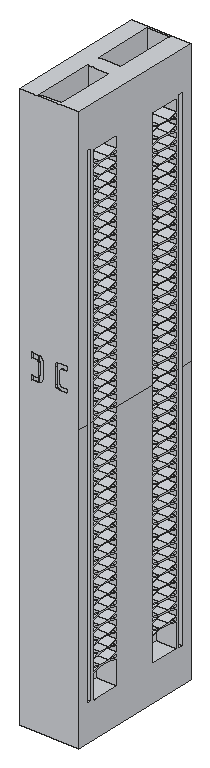
Revit family
Parameters
  Material ID = "760072843"
  Description = "Vertical Cable Management Kit, 10in X 96in (254mm X 2438mm) Double Sided, With Doors, Silver\r\nical Cable Management Kit, 6in X 84in (152mm X 2134mm) Single Sided, With Door, Black\r\nVertical Cable Management Kit, 6in X 84in (152mm X 2134mm) Single Sided, With Door, Black\r\nVERTICAL CABLE MANAGEMENT KIT, 6IN X 84IN(152MM X 2134MM) SINGLE SIDED, WITH DOOR, BLACK"
Reference planes (in)
  plane 1 "Center (Front/Back)": y = 0
  plane 2: z = 0
  plane 3 "Center (Left/Right)": x = 0
Forms (in)
  Extrusion 1, void, not visible
    sketch origin (0, 0, 0) x (1, 0, 0) y (0, 0, 1)
      loop
        line (-7.85662, 0.48089) -> (-7.85662, -0.39002) -> (-7.67285, -0.39002) -> (-7.67285, -0.64002) -> (-7.0736, -0.64002) -> (-7.0736, -0.39002) -> (-6.92978, -0.39002) -> (-6.92978, 0.48089) -> (-7.85662, 0.48089)
    from -3.79215 to 12
  Extrusion 2, void, not visible
    sketch origin (0, 0, 0) x (1, 0, 0) y (0, 0, 1)
      loop
        line (-8.21397, 0.42583) -> (-8.21397, -0.07417) -> (-8.08657, -0.07417) -> (-8.08657, -0.27417) -> (-7.83657, -0.27417) -> (-7.83657, -0.07417) -> (-7.72497, -0.07417) -> (-7.72497, 0.42583) -> (-8.21397, 0.42583)
    from 0.74059 to 3.34334
  Extrusion 3, solid
    sketch origin (0, 0, 0) x (1, 0, 0) y (0, 0, 1)
      loop
        line (5, 48) -> (-5, 48) -> (-5, -48) -> (5, -48) -> (5, 0) -> (5, 48)
    from 11.281 to -12.189
  Extrusion 4, void
    sketch origin (0, 0, 0) x (1, 0, 0) y (0, 0, 1)
      loop
        line (-3, 9.00056) -> (-3, 8.06684) -> (-2.1, 8.06684)
        arc (-2.1, 8.06684) -> (-1.88787, 7.97898) -> (-1.8, 7.76684) r 0.3
        line (-1.8, 7.76684) -> (-1.8, 5.85056)
        arc (-1.8, 5.85056) -> (-1.88787, 5.63843) -> (-2.1, 5.55056) r 0.3
        line (-2.1, 5.55056) -> (-3, 5.55056) -> (-3, 4.75056) -> (-1.8, 4.75056)
        arc (-1.8, 4.75056) -> (-1.23431, 4.98488) -> (-1, 5.55056) r 0.8
        line (-1, 5.55056) -> (-1, 8.20056)
        arc (-1, 8.20056) -> (-1.23431, 8.76625) -> (-1.8, 9.00056) r 0.8
        line (-1.8, 9.00056) -> (-3, 9.00056)
      loop
        line (3, 9.00056) -> (1.8, 9.00056)
        arc (1.8, 9.00056) -> (1.23431, 8.76625) -> (1, 8.20056) r 0.8
        line (1, 8.20056) -> (1, 5.55056)
        arc (1, 5.55056) -> (1.23431, 4.98488) -> (1.8, 4.75056) r 0.8
        line (1.8, 4.75056) -> (3, 4.75056) -> (3, 5.55056) -> (2.1, 5.55056)
        arc (2.1, 5.55056) -> (1.88787, 5.63843) -> (1.8, 5.85056) r 0.3
        line (1.8, 5.85056) -> (1.8, 7.76684)
        arc (1.8, 7.76684) -> (1.88787, 7.97898) -> (2.1, 8.06684) r 0.3
        line (2.1, 8.06684) -> (3, 8.06684) -> (3, 9.00056)
    from 11.08569 to 11.281
  Extrusion 5, void
    sketch origin (0, 0, 0) x (1, 0, 0) y (0, 1, 0)
      loop
        line (1.70983, -0.6615) -> (-2.04017, -0.6615) -> (-2.04017, -10.9115) -> (1.70983, -10.9115) -> (1.70983, -0.6615)
      loop
        line (1.70983, 1.5695) -> (1.70983, 11.8195) -> (-2.04017, 11.8195) -> (-2.04017, 1.5695) -> (1.70983, 1.5695)
    from -58.88014 to 54.97812
  Extrusion 6, void
    sketch origin (0, 0, 0) x (0, 1, 0) y (0, 0, 1)
      loop
        line (-3.37841, 39.06909) -> (-3.37841, 41.06909) -> (-8.50915, 41.06909) -> (-8.50915, 39.06909) -> (-6.81878, 38.61615) -> (-5.06878, 38.61615) -> (-3.37841, 39.06909)
      loop
        line (-3.37841, 38.06909) -> (-5.06878, 38.52202) -> (-6.81878, 38.52202) -> (-8.50915, 38.06909) -> (-8.50915, 37.81909) -> (-8.50915, 37.06909) -> (-6.81878, 36.61615) -> (-5.06878, 36.61615) -> (-3.37841, 37.06909) -> (-3.37841, 37.81909) -> (-3.37841, 38.06909)
      loop
        line (-3.37841, 39.00985) -> (-4.9864, 38.57899) -> (-3.37841, 38.14813) -> (-3.37841, 39.00985)
      loop
        line (-8.50915, 39.00985) -> (-8.50915, 38.14813) -> (-6.90115, 38.57899) -> (-8.50915, 39.00985)
      loop
        line (-3.37841, 36.06909) -> (-5.06878, 36.52202) -> (-6.81878, 36.52202) -> (-8.50915, 36.06909) -> (-8.50915, 35.06909) -> (-6.81878, 34.61615) -> (-5.06878, 34.61615) -> (-3.37841, 35.06909) -> (-3.37841, 36.06909)
      loop
        line (-3.37841, 37.00985) -> (-4.9864, 36.57899) -> (-3.37841, 36.14813) -> (-3.37841, 37.00985)
      loop
        line (-8.50915, 37.00985) -> (-8.50915, 36.14813) -> (-6.90115, 36.57899) -> (-8.50915, 37.00985)
      loop
        line (-3.37841, 34.06909) -> (-5.06878, 34.52202) -> (-6.81878, 34.52202) -> (-8.50915, 34.06909) -> (-8.50915, 33.06909) -> (-6.81878, 32.61615) -> (-5.06878, 32.61615) -> (-3.37841, 33.06909) -> (-3.37841, 34.06909)
      loop
        line (-3.37841, 35.00985) -> (-4.9864, 34.57899) -> (-3.37841, 34.14813) -> (-3.37841, 35.00985)
      loop
        line (-8.50915, 35.00985) -> (-8.50915, 34.14813) -> (-6.90115, 34.57899) -> (-8.50915, 35.00985)
      loop
        line (-3.37841, 32.06909) -> (-5.06878, 32.52202) -> (-6.81878, 32.52202) -> (-8.50915, 32.06909) -> (-8.50915, 31.06909) -> (-6.81878, 30.61615) -> (-5.06878, 30.61615) -> (-3.37841, 31.06909) -> (-3.37841, 32.06909)
      loop
        line (-3.37841, 33.00985) -> (-4.9864, 32.57899) -> (-3.37841, 32.14813) -> (-3.37841, 33.00985)
      loop
        line (-8.50915, 33.00985) -> (-8.50915, 32.14813) -> (-6.90115, 32.57899) -> (-8.50915, 33.00985)
      loop
        line (-3.37841, 30.06909) -> (-5.06878, 30.52202) -> (-6.81878, 30.52202) -> (-8.50915, 30.06909) -> (-8.50915, 29.06909) -> (-6.81878, 28.61615) -> (-5.06878, 28.61615) -> (-3.37841, 29.06909) -> (-3.37841, 30.06909)
      loop
        line (-3.37841, 31.00985) -> (-4.9864, 30.57899) -> (-3.37841, 30.14813) -> (-3.37841, 31.00985)
      loop
        line (-8.50915, 31.00985) -> (-8.50915, 30.14813) -> (-6.90115, 30.57899) -> (-8.50915, 31.00985)
      loop
        line (-3.37841, 28.06909) -> (-5.06878, 28.52202) -> (-6.81878, 28.52202) -> (-8.50915, 28.06909) -> (-8.50915, 27.06909) -> (-6.81878, 26.61615) -> (-5.06878, 26.61615) -> (-3.37841, 27.06909) -> (-3.37841, 28.06909)
      loop
        line (-3.37841, 29.00985) -> (-4.9864, 28.57899) -> (-3.37841, 28.14813) -> (-3.37841, 29.00985)
      loop
        line (-8.50915, 29.00985) -> (-8.50915, 28.14813) -> (-6.90115, 28.57899) -> (-8.50915, 29.00985)
      loop
        line (-3.37841, 26.06909) -> (-5.06878, 26.52202) -> (-6.81878, 26.52202) -> (-8.50915, 26.06909) -> (-8.50915, 25.06909) -> (-6.81878, 24.61615) -> (-5.06878, 24.61615) -> (-3.37841, 25.06909) -> (-3.37841, 26.06909)
      loop
        line (-3.37841, 27.00985) -> (-4.9864, 26.57899) -> (-3.37841, 26.14813) -> (-3.37841, 27.00985)
      loop
        line (-8.50915, 27.00985) -> (-8.50915, 26.14813) -> (-6.90115, 26.57899) -> (-8.50915, 27.00985)
      loop
        line (-3.37841, 24.06909) -> (-5.06878, 24.52202) -> (-6.81878, 24.52202) -> (-8.50915, 24.06909) -> (-8.50915, 23.06909) -> (-6.81878, 22.61615) -> (-5.06878, 22.61615) -> (-3.37841, 23.06909) -> (-3.37841, 24.06909)
      loop
        line (-3.37841, 25.00985) -> (-4.9864, 24.57899) -> (-3.37841, 24.14813) -> (-3.37841, 25.00985)
      loop
        line (-8.50915, 25.00985) -> (-8.50915, 24.14813) -> (-6.90115, 24.57899) -> (-8.50915, 25.00985)
      loop
        line (-3.37841, 22.06909) -> (-5.06878, 22.52202) -> (-6.81878, 22.52202) -> (-8.50915, 22.06909) -> (-8.50915, 21.06909) -> (-6.81878, 20.61615) -> (-5.06878, 20.61615) -> (-3.37841, 21.06909) -> (-3.37841, 22.06909)
      loop
        line (-3.37841, 23.00985) -> (-4.9864, 22.57899) -> (-3.37841, 22.14813) -> (-3.37841, 23.00985)
      loop
        line (-8.50915, 23.00985) -> (-8.50915, 22.14813) -> (-6.90115, 22.57899) -> (-8.50915, 23.00985)
      loop
        line (-3.37841, 20.06909) -> (-5.06878, 20.52202) -> (-6.81878, 20.52202) -> (-8.50915, 20.06909) -> (-8.50915, 19.06909) -> (-6.81878, 18.61615) -> (-5.06878, 18.61615) -> (-3.37841, 19.06909) -> (-3.37841, 20.06909)
      loop
        line (-3.37841, 21.00985) -> (-4.9864, 20.57899) -> (-3.37841, 20.14813) -> (-3.37841, 21.00985)
      loop
        line (-8.50915, 21.00985) -> (-8.50915, 20.14813) -> (-6.90115, 20.57899) -> (-8.50915, 21.00985)
      loop
        line (-3.37841, 18.06909) -> (-5.06878, 18.52202) -> (-6.81878, 18.52202) -> (-8.50915, 18.06909) -> (-8.50915, 17.06909) -> (-6.81878, 16.61615) -> (-5.06878, 16.61615) -> (-3.37841, 17.06909) -> (-3.37841, 18.06909)
      loop
        line (-3.37841, 19.00985) -> (-4.9864, 18.57899) -> (-3.37841, 18.14813) -> (-3.37841, 19.00985)
      loop
        line (-8.50915, 19.00985) -> (-8.50915, 18.14813) -> (-6.90115, 18.57899) -> (-8.50915, 19.00985)
      loop
        line (-3.37841, 16.06909) -> (-5.06878, 16.52202) -> (-6.81878, 16.52202) -> (-8.50915, 16.06909) -> (-8.50915, 15.06909) -> (-6.81878, 14.61615) -> (-5.06878, 14.61615) -> (-3.37841, 15.06909) -> (-3.37841, 16.06909)
      loop
        line (-3.37841, 17.00985) -> (-4.9864, 16.57899) -> (-3.37841, 16.14813) -> (-3.37841, 17.00985)
      loop
        line (-8.50915, 17.00985) -> (-8.50915, 16.14813) -> (-6.90115, 16.57899) -> (-8.50915, 17.00985)
      loop
        line (-3.37841, 14.06909) -> (-5.06878, 14.52202) -> (-6.81878, 14.52202) -> (-8.50915, 14.06909) -> (-8.50915, 13.06909) -> (-6.81878, 12.61615) -> (-5.06878, 12.61615) -> (-3.37841, 13.06909) -> (-3.37841, 14.06909)
      loop
        line (-3.37841, 15.00985) -> (-4.9864, 14.57899) -> (-3.37841, 14.14813) -> (-3.37841, 15.00985)
      loop
        line (-8.50915, 15.00985) -> (-8.50915, 14.14813) -> (-6.90115, 14.57899) -> (-8.50915, 15.00985)
      loop
        line (-3.37841, 12.06909) -> (-5.06878, 12.52202) -> (-6.81878, 12.52202) -> (-8.50915, 12.06909) -> (-8.50915, 11.06909) -> (-6.81878, 10.61615) -> (-5.06878, 10.61615) -> (-3.37841, 11.06909) -> (-3.37841, 12.06909)
      loop
        line (-3.37841, 13.00985) -> (-4.9864, 12.57899) -> (-3.37841, 12.14813) -> (-3.37841, 13.00985)
      loop
        line (-8.50915, 13.00985) -> (-8.50915, 12.14813) -> (-6.90115, 12.57899) -> (-8.50915, 13.00985)
      loop
        line (-3.37841, 10.06909) -> (-5.06878, 10.52202) -> (-6.81878, 10.52202) -> (-8.50915, 10.06909) -> (-8.50915, 9.06909) -> (-6.81878, 8.61615) -> (-5.06878, 8.61615) -> (-3.37841, 9.06909) -> (-3.37841, 10.06909)
      loop
        line (-3.37841, 11.00985) -> (-4.9864, 10.57899) -> (-3.37841, 10.14813) -> (-3.37841, 11.00985)
      loop
        line (-8.50915, 11.00985) -> (-8.50915, 10.14813) -> (-6.90115, 10.57899) -> (-8.50915, 11.00985)
      loop
        line (-3.37841, 8.06909) -> (-5.06878, 8.52202) -> (-6.81878, 8.52202) -> (-8.50915, 8.06909) -> (-8.50915, 7.06909) -> (-6.81878, 6.61615) -> (-5.06878, 6.61615) -> (-3.37841, 7.06909) -> (-3.37841, 8.06909)
      loop
        line (-3.37841, 9.00985) -> (-4.9864, 8.57899) -> (-3.37841, 8.14813) -> (-3.37841, 9.00985)
      loop
        line (-8.50915, 9.00985) -> (-8.50915, 8.14813) -> (-6.90115, 8.57899) -> (-8.50915, 9.00985)
      loop
        line (-3.37841, 6.06909) -> (-5.06878, 6.52202) -> (-6.81878, 6.52202) -> (-8.50915, 6.06909) -> (-8.50915, 5.06909) -> (-6.81878, 4.61615) -> (-5.06878, 4.61615) -> (-3.37841, 5.06909) -> (-3.37841, 6.06909)
      loop
        line (-3.37841, 7.00985) -> (-4.9864, 6.57899) -> (-3.37841, 6.14813) -> (-3.37841, 7.00985)
      loop
        line (-8.50915, 7.00985) -> (-8.50915, 6.14813) -> (-6.90115, 6.57899) -> (-8.50915, 7.00985)
      loop
        line (-3.37841, 4.06909) -> (-5.06878, 4.52202) -> (-6.81878, 4.52202) -> (-8.50915, 4.06909) -> (-8.50915, 3.06909) -> (-6.81878, 2.61615) -> (-5.06878, 2.61615) -> (-3.37841, 3.06909) -> (-3.37841, 4.06909)
      loop
        line (-3.37841, 5.00985) -> (-4.9864, 4.57899) -> (-3.37841, 4.14813) -> (-3.37841, 5.00985)
      loop
        line (-8.50915, 5.00985) -> (-8.50915, 4.14813) -> (-6.90115, 4.57899) -> (-8.50915, 5.00985)
      loop
        line (-3.37841, 2.06909) -> (-5.06878, 2.52202) -> (-6.81878, 2.52202) -> (-8.50915, 2.06909) -> (-8.50915, 1.06909) -> (-6.81878, 0.61615) -> (-5.06878, 0.61615) -> (-3.37841, 1.06909) -> (-3.37841, 2.06909)
      loop
        line (-3.37841, 3.00985) -> (-4.9864, 2.57899) -> (-3.37841, 2.14813) -> (-3.37841, 3.00985)
      loop
        line (-8.50915, 3.00985) -> (-8.50915, 2.14813) -> (-6.90115, 2.57899) -> (-8.50915, 3.00985)
      loop
        line (-3.37841, 0.06909) -> (-5.06878, 0.52202) -> (-6.81878, 0.52202) -> (-8.50915, 0.06909) -> (-8.50915, -0.93091) -> (-6.81878, -1.38385) -> (-5.06878, -1.38385) -> (-3.37841, -0.93091) -> (-3.37841, 0.06909)
      loop
        line (-3.37841, 1.00985) -> (-4.9864, 0.57899) -> (-3.37841, 0.14813) -> (-3.37841, 1.00985)
      loop
        line (-8.50915, 1.00985) -> (-8.50915, 0.14813) -> (-6.90115, 0.57899) -> (-8.50915, 1.00985)
      loop
        line (-3.37841, -1.93091) -> (-5.06878, -1.47798) -> (-6.81878, -1.47798) -> (-8.50915, -1.93091) -> (-8.50915, -2.93091) -> (-6.81878, -3.38385) -> (-5.06878, -3.38385) -> (-3.37841, -2.93091) -> (-3.37841, -1.93091)
      loop
        line (-3.37841, -0.99015) -> (-4.9864, -1.42101) -> (-3.37841, -1.85187) -> (-3.37841, -0.99015)
      loop
        line (-8.50915, -0.99015) -> (-8.50915, -1.85187) -> (-6.90115, -1.42101) -> (-8.50915, -0.99015)
      loop
        line (-3.37841, -3.93091) -> (-5.06878, -3.47798) -> (-6.81878, -3.47798) -> (-8.50915, -3.93091) -> (-8.50915, -4.93091) -> (-6.81878, -5.38385) -> (-5.06878, -5.38385) -> (-3.37841, -4.93091) -> (-3.37841, -3.93091)
      loop
        line (-3.37841, -2.99015) -> (-4.9864, -3.42101) -> (-3.37841, -3.85187) -> (-3.37841, -2.99015)
      loop
        line (-8.50915, -2.99015) -> (-8.50915, -3.85187) -> (-6.90115, -3.42101) -> (-8.50915, -2.99015)
      loop
        line (-3.37841, -5.93091) -> (-5.06878, -5.47798) -> (-6.81878, -5.47798) -> (-8.50915, -5.93091) -> (-8.50915, -6.93091) -> (-6.81878, -7.38385) -> (-5.06878, -7.38385) -> (-3.37841, -6.93091) -> (-3.37841, -5.93091)
      loop
        line (-3.37841, -4.99015) -> (-4.9864, -5.42101) -> (-3.37841, -5.85187) -> (-3.37841, -4.99015)
      loop
        line (-8.50915, -4.99015) -> (-8.50915, -5.85187) -> (-6.90115, -5.42101) -> (-8.50915, -4.99015)
      loop
        line (-3.37841, -7.93091) -> (-5.06878, -7.47798) -> (-6.81878, -7.47798) -> (-8.50915, -7.93091) -> (-8.50915, -8.93091) -> (-6.81878, -9.38385) -> (-5.06878, -9.38385) -> (-3.37841, -8.93091) -> (-3.37841, -7.93091)
      loop
        line (-3.37841, -6.99015) -> (-4.9864, -7.42101) -> (-3.37841, -7.85187) -> (-3.37841, -6.99015)
      loop
        line (-8.50915, -6.99015) -> (-8.50915, -7.85187) -> (-6.90115, -7.42101) -> (-8.50915, -6.99015)
      loop
        line (-3.37841, -9.93091) -> (-5.06878, -9.47798) -> (-6.81878, -9.47798) -> (-8.50915, -9.93091) -> (-8.50915, -10.93091) -> (-6.81878, -11.38385) -> (-5.06878, -11.38385) -> (-3.37841, -10.93091) -> (-3.37841, -9.93091)
      loop
        line (-3.37841, -8.99015) -> (-4.9864, -9.42101) -> (-3.37841, -9.85187) -> (-3.37841, -8.99015)
      loop
        line (-8.50915, -8.99015) -> (-8.50915, -9.85187) -> (-6.90115, -9.42101) -> (-8.50915, -8.99015)
      loop
        line (-3.37841, -11.93091) -> (-5.06878, -11.47798) -> (-6.81878, -11.47798) -> (-8.50915, -11.93091) -> (-8.50915, -12.93091) -> (-6.81878, -13.38385) -> (-5.06878, -13.38385) -> (-3.37841, -12.93091) -> (-3.37841, -11.93091)
      loop
        line (-3.37841, -10.99015) -> (-4.9864, -11.42101) -> (-3.37841, -11.85187) -> (-3.37841, -10.99015)
      loop
        line (-8.50915, -10.99015) -> (-8.50915, -11.85187) -> (-6.90115, -11.42101) -> (-8.50915, -10.99015)
      loop
        line (-3.37841, -13.93091) -> (-5.06878, -13.47798) -> (-6.81878, -13.47798) -> (-8.50915, -13.93091) -> (-8.50915, -14.93091) -> (-6.81878, -15.38385) -> (-5.06878, -15.38385) -> (-3.37841, -14.93091) -> (-3.37841, -13.93091)
      loop
        line (-3.37841, -12.99015) -> (-4.9864, -13.42101) -> (-3.37841, -13.85187) -> (-3.37841, -12.99015)
      loop
        line (-8.50915, -12.99015) -> (-8.50915, -13.85187) -> (-6.90115, -13.42101) -> (-8.50915, -12.99015)
      loop
        line (-3.37841, -15.93091) -> (-5.06878, -15.47798) -> (-6.81878, -15.47798) -> (-8.50915, -15.93091) -> (-8.50915, -16.93091) -> (-6.81878, -17.38385) -> (-5.06878, -17.38385) -> (-3.37841, -16.93091) -> (-3.37841, -15.93091)
      loop
        line (-3.37841, -14.99015) -> (-4.9864, -15.42101) -> (-3.37841, -15.85187) -> (-3.37841, -14.99015)
      loop
        line (-8.50915, -14.99015) -> (-8.50915, -15.85187) -> (-6.90115, -15.42101) -> (-8.50915, -14.99015)
      loop
        line (-3.37841, -17.93091) -> (-5.06878, -17.47798) -> (-6.81878, -17.47798) -> (-8.50915, -17.93091) -> (-8.50915, -18.93091) -> (-6.81878, -19.38385) -> (-5.06878, -19.38385) -> (-3.37841, -18.93091) -> (-3.37841, -17.93091)
      loop
        line (-3.37841, -16.99015) -> (-4.9864, -17.42101) -> (-3.37841, -17.85187) -> (-3.37841, -16.99015)
      loop
        line (-8.50915, -16.99015) -> (-8.50915, -17.85187) -> (-6.90115, -17.42101) -> (-8.50915, -16.99015)
      loop
        line (-3.37841, -19.93091) -> (-5.06878, -19.47798) -> (-6.81878, -19.47798) -> (-8.50915, -19.93091) -> (-8.50915, -20.93091) -> (-6.81878, -21.38385) -> (-5.06878, -21.38385) -> (-3.37841, -20.93091) -> (-3.37841, -19.93091)
      loop
        line (-3.37841, -18.99015) -> (-4.9864, -19.42101) -> (-3.37841, -19.85187) -> (-3.37841, -18.99015)
      loop
        line (-8.50915, -18.99015) -> (-8.50915, -19.85187) -> (-6.90115, -19.42101) -> (-8.50915, -18.99015)
      loop
        line (-3.37841, -21.93091) -> (-5.06878, -21.47798) -> (-6.81878, -21.47798) -> (-8.50915, -21.93091) -> (-8.50915, -22.93091) -> (-6.81878, -23.38385) -> (-5.06878, -23.38385) -> (-3.37841, -22.93091) -> (-3.37841, -21.93091)
      loop
        line (-3.37841, -20.99015) -> (-4.9864, -21.42101) -> (-3.37841, -21.85187) -> (-3.37841, -20.99015)
      loop
        line (-8.50915, -20.99015) -> (-8.50915, -21.85187) -> (-6.90115, -21.42101) -> (-8.50915, -20.99015)
      loop
        line (-3.37841, -23.93091) -> (-5.06878, -23.47798) -> (-6.81878, -23.47798) -> (-8.50915, -23.93091) -> (-8.50915, -24.93091) -> (-6.81878, -25.38385) -> (-5.06878, -25.38385) -> (-3.37841, -24.93091) -> (-3.37841, -23.93091)
      loop
        line (-3.37841, -22.99015) -> (-4.9864, -23.42101) -> (-3.37841, -23.85187) -> (-3.37841, -22.99015)
      loop
        line (-8.50915, -22.99015) -> (-8.50915, -23.85187) -> (-6.90115, -23.42101) -> (-8.50915, -22.99015)
      loop
        line (-3.37841, -25.93091) -> (-5.06878, -25.47798) -> (-6.81878, -25.47798) -> (-8.50915, -25.93091) -> (-8.50915, -26.93091) -> (-6.81878, -27.38385) -> (-5.06878, -27.38385) -> (-3.37841, -26.93091) -> (-3.37841, -25.93091)
      loop
        line (-3.37841, -24.99015) -> (-4.9864, -25.42101) -> (-3.37841, -25.85187) -> (-3.37841, -24.99015)
      loop
        line (-8.50915, -24.99015) -> (-8.50915, -25.85187) -> (-6.90115, -25.42101) -> (-8.50915, -24.99015)
      loop
        line (-3.37841, -27.93091) -> (-5.06878, -27.47798) -> (-6.81878, -27.47798) -> (-8.50915, -27.93091) -> (-8.50915, -28.93091) -> (-6.81878, -29.38385) -> (-5.06878, -29.38385) -> (-3.37841, -28.93091) -> (-3.37841, -27.93091)
      loop
        line (-3.37841, -26.99015) -> (-4.9864, -27.42101) -> (-3.37841, -27.85187) -> (-3.37841, -26.99015)
      loop
        line (-8.50915, -26.99015) -> (-8.50915, -27.85187) -> (-6.90115, -27.42101) -> (-8.50915, -26.99015)
      loop
        line (-3.37841, -29.93091) -> (-5.06878, -29.47798) -> (-6.81878, -29.47798) -> (-8.50915, -29.93091) -> (-8.50915, -30.93091) -> (-6.81878, -31.38385) -> (-5.06878, -31.38385) -> (-3.37841, -30.93091) -> (-3.37841, -29.93091)
      loop
        line (-3.37841, -28.99015) -> (-4.9864, -29.42101) -> (-3.37841, -29.85187) -> (-3.37841, -28.99015)
      loop
        line (-8.50915, -28.99015) -> (-8.50915, -29.85187) -> (-6.90115, -29.42101) -> (-8.50915, -28.99015)
      loop
        line (-3.37841, -31.93091) -> (-5.06878, -31.47798) -> (-6.81878, -31.47798) -> (-8.50915, -31.93091) -> (-8.50915, -32.93091) -> (-6.81878, -33.38385) -> (-5.06878, -33.38385) -> (-3.37841, -32.93091) -> (-3.37841, -31.93091)
      loop
        line (-3.37841, -30.99015) -> (-4.9864, -31.42101) -> (-3.37841, -31.85187) -> (-3.37841, -30.99015)
      loop
        line (-8.50915, -30.99015) -> (-8.50915, -31.85187) -> (-6.90115, -31.42101) -> (-8.50915, -30.99015)
      loop
        line (-3.37841, -33.93091) -> (-5.06878, -33.47798) -> (-6.81878, -33.47798) -> (-8.50915, -33.93091) -> (-8.50915, -34.93091) -> (-6.81878, -35.38385) -> (-5.06878, -35.38385) -> (-3.37841, -34.93091) -> (-3.37841, -33.93091)
      loop
        line (-3.37841, -32.99015) -> (-4.9864, -33.42101) -> (-3.37841, -33.85187) -> (-3.37841, -32.99015)
      loop
        line (-8.50915, -32.99015) -> (-8.50915, -33.85187) -> (-6.90115, -33.42101) -> (-8.50915, -32.99015)
      loop
        line (-3.37841, -35.93091) -> (-5.06878, -35.47798) -> (-6.81878, -35.47798) -> (-8.50915, -35.93091) -> (-8.50915, -36.93091) -> (-6.81878, -37.38385) -> (-5.06878, -37.38385) -> (-3.37841, -36.93091) -> (-3.37841, -35.93091)
      loop
        line (-3.37841, -34.99015) -> (-4.9864, -35.42101) -> (-3.37841, -35.85187) -> (-3.37841, -34.99015)
      loop
        line (-8.50915, -34.99015) -> (-8.50915, -35.85187) -> (-6.90115, -35.42101) -> (-8.50915, -34.99015)
      loop
        line (-3.37841, -37.93091) -> (-5.06878, -37.47798) -> (-6.81878, -37.47798) -> (-8.50915, -37.93091) -> (-8.50915, -42) -> (-3.37841, -42) -> (-3.37841, -37.93091)
      loop
        line (-3.37841, -36.99015) -> (-4.9864, -37.42101) -> (-3.37841, -37.85187) -> (-3.37841, -36.99015)
      loop
        line (-8.50915, -36.99015) -> (-8.50915, -37.85187) -> (-6.90115, -37.42101) -> (-8.50915, -36.99015)
      loop
        line (4.05541, 39.06909) -> (5.74578, 38.61615) -> (7.49578, 38.61615) -> (9.18615, 39.06909) -> (9.18615, 41.06909) -> (4.05541, 41.06909) -> (4.05541, 39.06909)
      loop
        line (4.05541, 38.06909) -> (4.05541, 37.81909) -> (4.05541, 37.06909) -> (5.74578, 36.61615) -> (7.49578, 36.61615) -> (9.18615, 37.06909) -> (9.18615, 37.81909) -> (9.18615, 38.06909) -> (7.49578, 38.52202) -> (5.74578, 38.52202) -> (4.05541, 38.06909)
      loop
        line (4.05541, 39.00985) -> (4.05541, 38.14813) -> (5.6634, 38.57899) -> (4.05541, 39.00985)
      loop
        line (9.18615, 39.00985) -> (7.57815, 38.57899) -> (9.18615, 38.14813) -> (9.18615, 39.00985)
      loop
        line (4.05541, 36.06909) -> (4.05541, 35.06909) -> (5.74578, 34.61615) -> (7.49578, 34.61615) -> (9.18615, 35.06909) -> (9.18615, 36.06909) -> (7.49578, 36.52202) -> (5.74578, 36.52202) -> (4.05541, 36.06909)
      loop
        line (4.05541, 37.00985) -> (4.05541, 36.14813) -> (5.6634, 36.57899) -> (4.05541, 37.00985)
      loop
        line (9.18615, 37.00985) -> (7.57815, 36.57899) -> (9.18615, 36.14813) -> (9.18615, 37.00985)
      loop
        line (4.05541, 34.06909) -> (4.05541, 33.06909) -> (5.74578, 32.61615) -> (7.49578, 32.61615) -> (9.18615, 33.06909) -> (9.18615, 34.06909) -> (7.49578, 34.52202) -> (5.74578, 34.52202) -> (4.05541, 34.06909)
      loop
        line (4.05541, 35.00985) -> (4.05541, 34.14813) -> (5.6634, 34.57899) -> (4.05541, 35.00985)
      loop
        line (9.18615, 35.00985) -> (7.57815, 34.57899) -> (9.18615, 34.14813) -> (9.18615, 35.00985)
      loop
        line (4.05541, 32.06909) -> (4.05541, 31.06909) -> (5.74578, 30.61615) -> (7.49578, 30.61615) -> (9.18615, 31.06909) -> (9.18615, 32.06909) -> (7.49578, 32.52202) -> (5.74578, 32.52202) -> (4.05541, 32.06909)
      loop
        line (4.05541, 33.00985) -> (4.05541, 32.14813) -> (5.6634, 32.57899) -> (4.05541, 33.00985)
      loop
        line (9.18615, 33.00985) -> (7.57815, 32.57899) -> (9.18615, 32.14813) -> (9.18615, 33.00985)
      loop
        line (4.05541, 30.06909) -> (4.05541, 29.06909) -> (5.74578, 28.61615) -> (7.49578, 28.61615) -> (9.18615, 29.06909) -> (9.18615, 30.06909) -> (7.49578, 30.52202) -> (5.74578, 30.52202) -> (4.05541, 30.06909)
      loop
        line (4.05541, 31.00985) -> (4.05541, 30.14813) -> (5.6634, 30.57899) -> (4.05541, 31.00985)
      loop
        line (9.18615, 31.00985) -> (7.57815, 30.57899) -> (9.18615, 30.14813) -> (9.18615, 31.00985)
      loop
        line (4.05541, 28.06909) -> (4.05541, 27.06909) -> (5.74578, 26.61615) -> (7.49578, 26.61615) -> (9.18615, 27.06909) -> (9.18615, 28.06909) -> (7.49578, 28.52202) -> (5.74578, 28.52202) -> (4.05541, 28.06909)
      loop
        line (4.05541, 29.00985) -> (4.05541, 28.14813) -> (5.6634, 28.57899) -> (4.05541, 29.00985)
      loop
        line (9.18615, 29.00985) -> (7.57815, 28.57899) -> (9.18615, 28.14813) -> (9.18615, 29.00985)
      loop
        line (4.05541, 26.06909) -> (4.05541, 25.06909) -> (5.74578, 24.61615) -> (7.49578, 24.61615) -> (9.18615, 25.06909) -> (9.18615, 26.06909) -> (7.49578, 26.52202) -> (5.74578, 26.52202) -> (4.05541, 26.06909)
      loop
        line (4.05541, 27.00985) -> (4.05541, 26.14813) -> (5.6634, 26.57899) -> (4.05541, 27.00985)
      loop
        line (9.18615, 27.00985) -> (7.57815, 26.57899) -> (9.18615, 26.14813) -> (9.18615, 27.00985)
      loop
        line (4.05541, 24.06909) -> (4.05541, 23.06909) -> (5.74578, 22.61615) -> (7.49578, 22.61615) -> (9.18615, 23.06909) -> (9.18615, 24.06909) -> (7.49578, 24.52202) -> (5.74578, 24.52202) -> (4.05541, 24.06909)
      loop
        line (4.05541, 25.00985) -> (4.05541, 24.14813) -> (5.6634, 24.57899) -> (4.05541, 25.00985)
      loop
        line (9.18615, 25.00985) -> (7.57815, 24.57899) -> (9.18615, 24.14813) -> (9.18615, 25.00985)
      loop
        line (4.05541, 22.06909) -> (4.05541, 21.06909) -> (5.74578, 20.61615) -> (7.49578, 20.61615) -> (9.18615, 21.06909) -> (9.18615, 22.06909) -> (7.49578, 22.52202) -> (5.74578, 22.52202) -> (4.05541, 22.06909)
      loop
        line (4.05541, 23.00985) -> (4.05541, 22.14813) -> (5.6634, 22.57899) -> (4.05541, 23.00985)
      loop
        line (9.18615, 23.00985) -> (7.57815, 22.57899) -> (9.18615, 22.14813) -> (9.18615, 23.00985)
      loop
        line (4.05541, 20.06909) -> (4.05541, 19.06909) -> (5.74578, 18.61615) -> (7.49578, 18.61615) -> (9.18615, 19.06909) -> (9.18615, 20.06909) -> (7.49578, 20.52202) -> (5.74578, 20.52202) -> (4.05541, 20.06909)
      loop
        line (4.05541, 21.00985) -> (4.05541, 20.14813) -> (5.6634, 20.57899) -> (4.05541, 21.00985)
      loop
        line (9.18615, 21.00985) -> (7.57815, 20.57899) -> (9.18615, 20.14813) -> (9.18615, 21.00985)
      loop
        line (4.05541, 18.06909) -> (4.05541, 17.06909) -> (5.74578, 16.61615) -> (7.49578, 16.61615) -> (9.18615, 17.06909) -> (9.18615, 18.06909) -> (7.49578, 18.52202) -> (5.74578, 18.52202) -> (4.05541, 18.06909)
      loop
        line (4.05541, 19.00985) -> (4.05541, 18.14813) -> (5.6634, 18.57899) -> (4.05541, 19.00985)
      loop
        line (9.18615, 19.00985) -> (7.57815, 18.57899) -> (9.18615, 18.14813) -> (9.18615, 19.00985)
      loop
        line (4.05541, 16.06909) -> (4.05541, 15.06909) -> (5.74578, 14.61615) -> (7.49578, 14.61615) -> (9.18615, 15.06909) -> (9.18615, 16.06909) -> (7.49578, 16.52202) -> (5.74578, 16.52202) -> (4.05541, 16.06909)
      loop
        line (4.05541, 17.00985) -> (4.05541, 16.14813) -> (5.6634, 16.57899) -> (4.05541, 17.00985)
      loop
        line (9.18615, 17.00985) -> (7.57815, 16.57899) -> (9.18615, 16.14813) -> (9.18615, 17.00985)
      loop
        line (4.05541, 14.06909) -> (4.05541, 13.06909) -> (5.74578, 12.61615) -> (7.49578, 12.61615) -> (9.18615, 13.06909) -> (9.18615, 14.06909) -> (7.49578, 14.52202) -> (5.74578, 14.52202) -> (4.05541, 14.06909)
      loop
        line (4.05541, 15.00985) -> (4.05541, 14.14813) -> (5.6634, 14.57899) -> (4.05541, 15.00985)
      loop
        line (9.18615, 15.00985) -> (7.57815, 14.57899) -> (9.18615, 14.14813) -> (9.18615, 15.00985)
      loop
        line (4.05541, 12.06909) -> (4.05541, 11.06909) -> (5.74578, 10.61615) -> (7.49578, 10.61615) -> (9.18615, 11.06909) -> (9.18615, 12.06909) -> (7.49578, 12.52202) -> (5.74578, 12.52202) -> (4.05541, 12.06909)
      loop
        line (4.05541, 13.00985) -> (4.05541, 12.14813) -> (5.6634, 12.57899) -> (4.05541, 13.00985)
      loop
        line (9.18615, 13.00985) -> (7.57815, 12.57899) -> (9.18615, 12.14813) -> (9.18615, 13.00985)
      loop
        line (4.05541, 10.06909) -> (4.05541, 9.06909) -> (5.74578, 8.61615) -> (7.49578, 8.61615) -> (9.18615, 9.06909) -> (9.18615, 10.06909) -> (7.49578, 10.52202) -> (5.74578, 10.52202) -> (4.05541, 10.06909)
      loop
        line (4.05541, 11.00985) -> (4.05541, 10.14813) -> (5.6634, 10.57899) -> (4.05541, 11.00985)
      loop
        line (9.18615, 11.00985) -> (7.57815, 10.57899) -> (9.18615, 10.14813) -> (9.18615, 11.00985)
      loop
        line (4.05541, 8.06909) -> (4.05541, 7.06909) -> (5.74578, 6.61615) -> (7.49578, 6.61615) -> (9.18615, 7.06909) -> (9.18615, 8.06909) -> (7.49578, 8.52202) -> (5.74578, 8.52202) -> (4.05541, 8.06909)
      loop
        line (4.05541, 9.00985) -> (4.05541, 8.14813) -> (5.6634, 8.57899) -> (4.05541, 9.00985)
      loop
        line (9.18615, 9.00985) -> (7.57815, 8.57899) -> (9.18615, 8.14813) -> (9.18615, 9.00985)
      loop
        line (4.05541, 6.06909) -> (4.05541, 5.06909) -> (5.74578, 4.61615) -> (7.49578, 4.61615) -> (9.18615, 5.06909) -> (9.18615, 6.06909) -> (7.49578, 6.52202) -> (5.74578, 6.52202) -> (4.05541, 6.06909)
      loop
        line (4.05541, 7.00985) -> (4.05541, 6.14813) -> (5.6634, 6.57899) -> (4.05541, 7.00985)
      loop
        line (9.18615, 7.00985) -> (7.57815, 6.57899) -> (9.18615, 6.14813) -> (9.18615, 7.00985)
      loop
        line (4.05541, 4.06909) -> (4.05541, 3.06909) -> (5.74578, 2.61615) -> (7.49578, 2.61615) -> (9.18615, 3.06909) -> (9.18615, 4.06909) -> (7.49578, 4.52202) -> (5.74578, 4.52202) -> (4.05541, 4.06909)
      loop
        line (4.05541, 5.00985) -> (4.05541, 4.14813) -> (5.6634, 4.57899) -> (4.05541, 5.00985)
      loop
        line (9.18615, 5.00985) -> (7.57815, 4.57899) -> (9.18615, 4.14813) -> (9.18615, 5.00985)
      loop
        line (4.05541, 2.06909) -> (4.05541, 1.06909) -> (5.74578, 0.61615) -> (7.49578, 0.61615) -> (9.18615, 1.06909) -> (9.18615, 2.06909) -> (7.49578, 2.52202) -> (5.74578, 2.52202) -> (4.05541, 2.06909)
      loop
        line (4.05541, 3.00985) -> (4.05541, 2.14813) -> (5.6634, 2.57899) -> (4.05541, 3.00985)
      loop
        line (9.18615, 3.00985) -> (7.57815, 2.57899) -> (9.18615, 2.14813) -> (9.18615, 3.00985)
      loop
        line (4.05541, 0.06909) -> (4.05541, -0.93091) -> (5.74578, -1.38385) -> (7.49578, -1.38385) -> (9.18615, -0.93091) -> (9.18615, 0.06909) -> (7.49578, 0.52202) -> (5.74578, 0.52202) -> (4.05541, 0.06909)
      loop
        line (4.05541, 1.00985) -> (4.05541, 0.14813) -> (5.6634, 0.57899) -> (4.05541, 1.00985)
      loop
        line (9.18615, 1.00985) -> (7.57815, 0.57899) -> (9.18615, 0.14813) -> (9.18615, 1.00985)
      loop
        line (4.05541, -1.93091) -> (4.05541, -2.93091) -> (5.74578, -3.38385) -> (7.49578, -3.38385) -> (9.18615, -2.93091) -> (9.18615, -1.93091) -> (7.49578, -1.47798) -> (5.74578, -1.47798) -> (4.05541, -1.93091)
      loop
        line (4.05541, -0.99015) -> (4.05541, -1.85187) -> (5.6634, -1.42101) -> (4.05541, -0.99015)
      loop
        line (9.18615, -0.99015) -> (7.57815, -1.42101) -> (9.18615, -1.85187) -> (9.18615, -0.99015)
      loop
        line (4.05541, -3.93091) -> (4.05541, -4.93091) -> (5.74578, -5.38385) -> (7.49578, -5.38385) -> (9.18615, -4.93091) -> (9.18615, -3.93091) -> (7.49578, -3.47798) -> (5.74578, -3.47798) -> (4.05541, -3.93091)
      loop
        line (4.05541, -2.99015) -> (4.05541, -3.85187) -> (5.6634, -3.42101) -> (4.05541, -2.99015)
      loop
        line (9.18615, -2.99015) -> (7.57815, -3.42101) -> (9.18615, -3.85187) -> (9.18615, -2.99015)
      loop
        line (4.05541, -5.93091) -> (4.05541, -6.93091) -> (5.74578, -7.38385) -> (7.49578, -7.38385) -> (9.18615, -6.93091) -> (9.18615, -5.93091) -> (7.49578, -5.47798) -> (5.74578, -5.47798) -> (4.05541, -5.93091)
      loop
        line (4.05541, -4.99015) -> (4.05541, -5.85187) -> (5.6634, -5.42101) -> (4.05541, -4.99015)
      loop
        line (9.18615, -4.99015) -> (7.57815, -5.42101) -> (9.18615, -5.85187) -> (9.18615, -4.99015)
      loop
        line (4.05541, -7.93091) -> (4.05541, -8.93091) -> (5.74578, -9.38385) -> (7.49578, -9.38385) -> (9.18615, -8.93091) -> (9.18615, -7.93091) -> (7.49578, -7.47798) -> (5.74578, -7.47798) -> (4.05541, -7.93091)
      loop
        line (4.05541, -6.99015) -> (4.05541, -7.85187) -> (5.6634, -7.42101) -> (4.05541, -6.99015)
      loop
        line (9.18615, -6.99015) -> (7.57815, -7.42101) -> (9.18615, -7.85187) -> (9.18615, -6.99015)
      loop
        line (4.05541, -9.93091) -> (4.05541, -10.93091) -> (5.74578, -11.38385) -> (7.49578, -11.38385) -> (9.18615, -10.93091) -> (9.18615, -9.93091) -> (7.49578, -9.47798) -> (5.74578, -9.47798) -> (4.05541, -9.93091)
      loop
        line (4.05541, -8.99015) -> (4.05541, -9.85187) -> (5.6634, -9.42101) -> (4.05541, -8.99015)
      loop
        line (9.18615, -8.99015) -> (7.57815, -9.42101) -> (9.18615, -9.85187) -> (9.18615, -8.99015)
      loop
        line (4.05541, -11.93091) -> (4.05541, -12.93091) -> (5.74578, -13.38385) -> (7.49578, -13.38385) -> (9.18615, -12.93091) -> (9.18615, -11.93091) -> (7.49578, -11.47798) -> (5.74578, -11.47798) -> (4.05541, -11.93091)
      loop
        line (4.05541, -10.99015) -> (4.05541, -11.85187) -> (5.6634, -11.42101) -> (4.05541, -10.99015)
      loop
        line (9.18615, -10.99015) -> (7.57815, -11.42101) -> (9.18615, -11.85187) -> (9.18615, -10.99015)
      loop
        line (4.05541, -13.93091) -> (4.05541, -14.93091) -> (5.74578, -15.38385) -> (7.49578, -15.38385) -> (9.18615, -14.93091) -> (9.18615, -13.93091) -> (7.49578, -13.47798) -> (5.74578, -13.47798) -> (4.05541, -13.93091)
      loop
        line (4.05541, -12.99015) -> (4.05541, -13.85187) -> (5.6634, -13.42101) -> (4.05541, -12.99015)
      loop
        line (9.18615, -12.99015) -> (7.57815, -13.42101) -> (9.18615, -13.85187) -> (9.18615, -12.99015)
      loop
        line (4.05541, -15.93091) -> (4.05541, -16.93091) -> (5.74578, -17.38385) -> (7.49578, -17.38385) -> (9.18615, -16.93091) -> (9.18615, -15.93091) -> (7.49578, -15.47798) -> (5.74578, -15.47798) -> (4.05541, -15.93091)
      loop
        line (4.05541, -14.99015) -> (4.05541, -15.85187) -> (5.6634, -15.42101) -> (4.05541, -14.99015)
      loop
        line (9.18615, -14.99015) -> (7.57815, -15.42101) -> (9.18615, -15.85187) -> (9.18615, -14.99015)
      loop
        line (4.05541, -17.93091) -> (4.05541, -18.93091) -> (5.74578, -19.38385) -> (7.49578, -19.38385) -> (9.18615, -18.93091) -> (9.18615, -17.93091) -> (7.49578, -17.47798) -> (5.74578, -17.47798) -> (4.05541, -17.93091)
      loop
        line (4.05541, -16.99015) -> (4.05541, -17.85187) -> (5.6634, -17.42101) -> (4.05541, -16.99015)
      loop
        line (9.18615, -16.99015) -> (7.57815, -17.42101) -> (9.18615, -17.85187) -> (9.18615, -16.99015)
      loop
        line (4.05541, -19.93091) -> (4.05541, -20.93091) -> (5.74578, -21.38385) -> (7.49578, -21.38385) -> (9.18615, -20.93091) -> (9.18615, -19.93091) -> (7.49578, -19.47798) -> (5.74578, -19.47798) -> (4.05541, -19.93091)
      loop
        line (4.05541, -18.99015) -> (4.05541, -19.85187) -> (5.6634, -19.42101) -> (4.05541, -18.99015)
      loop
        line (9.18615, -18.99015) -> (7.57815, -19.42101) -> (9.18615, -19.85187) -> (9.18615, -18.99015)
      loop
        line (4.05541, -21.93091) -> (4.05541, -22.93091) -> (5.74578, -23.38385) -> (7.49578, -23.38385) -> (9.18615, -22.93091) -> (9.18615, -21.93091) -> (7.49578, -21.47798) -> (5.74578, -21.47798) -> (4.05541, -21.93091)
      loop
        line (4.05541, -20.99015) -> (4.05541, -21.85187) -> (5.6634, -21.42101) -> (4.05541, -20.99015)
      loop
        line (9.18615, -20.99015) -> (7.57815, -21.42101) -> (9.18615, -21.85187) -> (9.18615, -20.99015)
      loop
        line (4.05541, -23.93091) -> (4.05541, -24.93091) -> (5.74578, -25.38385) -> (7.49578, -25.38385) -> (9.18615, -24.93091) -> (9.18615, -23.93091) -> (7.49578, -23.47798) -> (5.74578, -23.47798) -> (4.05541, -23.93091)
      loop
        line (4.05541, -22.99015) -> (4.05541, -23.85187) -> (5.6634, -23.42101) -> (4.05541, -22.99015)
      loop
        line (9.18615, -22.99015) -> (7.57815, -23.42101) -> (9.18615, -23.85187) -> (9.18615, -22.99015)
      loop
        line (4.05541, -25.93091) -> (4.05541, -26.93091) -> (5.74578, -27.38385) -> (7.49578, -27.38385) -> (9.18615, -26.93091) -> (9.18615, -25.93091) -> (7.49578, -25.47798) -> (5.74578, -25.47798) -> (4.05541, -25.93091)
      loop
        line (4.05541, -24.99015) -> (4.05541, -25.85187) -> (5.6634, -25.42101) -> (4.05541, -24.99015)
      loop
        line (9.18615, -24.99015) -> (7.57815, -25.42101) -> (9.18615, -25.85187) -> (9.18615, -24.99015)
      loop
        line (4.05541, -27.93091) -> (4.05541, -28.93091) -> (5.74578, -29.38385) -> (7.49578, -29.38385) -> (9.18615, -28.93091) -> (9.18615, -27.93091) -> (7.49578, -27.47798) -> (5.74578, -27.47798) -> (4.05541, -27.93091)
      loop
        line (4.05541, -26.99015) -> (4.05541, -27.85187) -> (5.6634, -27.42101) -> (4.05541, -26.99015)
      loop
        line (9.18615, -26.99015) -> (7.57815, -27.42101) -> (9.18615, -27.85187) -> (9.18615, -26.99015)
      loop
        line (4.05541, -29.93091) -> (4.05541, -30.93091) -> (5.74578, -31.38385) -> (7.49578, -31.38385) -> (9.18615, -30.93091) -> (9.18615, -29.93091) -> (7.49578, -29.47798) -> (5.74578, -29.47798) -> (4.05541, -29.93091)
      loop
        line (4.05541, -28.99015) -> (4.05541, -29.85187) -> (5.6634, -29.42101) -> (4.05541, -28.99015)
      loop
        line (9.18615, -28.99015) -> (7.57815, -29.42101) -> (9.18615, -29.85187) -> (9.18615, -28.99015)
      loop
        line (4.05541, -31.93091) -> (4.05541, -32.93091) -> (5.74578, -33.38385) -> (7.49578, -33.38385) -> (9.18615, -32.93091) -> (9.18615, -31.93091) -> (7.49578, -31.47798) -> (5.74578, -31.47798) -> (4.05541, -31.93091)
      loop
        line (4.05541, -30.99015) -> (4.05541, -31.85187) -> (5.6634, -31.42101) -> (4.05541, -30.99015)
      loop
        line (9.18615, -30.99015) -> (7.57815, -31.42101) -> (9.18615, -31.85187) -> (9.18615, -30.99015)
      loop
        line (4.05541, -33.93091) -> (4.05541, -34.93091) -> (5.74578, -35.38385) -> (7.49578, -35.38385) -> (9.18615, -34.93091) -> (9.18615, -33.93091) -> (7.49578, -33.47798) -> (5.74578, -33.47798) -> (4.05541, -33.93091)
      loop
        line (4.05541, -32.99015) -> (4.05541, -33.85187) -> (5.6634, -33.42101) -> (4.05541, -32.99015)
      loop
        line (9.18615, -32.99015) -> (7.57815, -33.42101) -> (9.18615, -33.85187) -> (9.18615, -32.99015)
      loop
        line (4.05541, -35.93091) -> (4.05541, -36.93091) -> (5.74578, -37.38385) -> (7.49578, -37.38385) -> (9.18615, -36.93091) -> (9.18615, -35.93091) -> (7.49578, -35.47798) -> (5.74578, -35.47798) -> (4.05541, -35.93091)
      loop
        line (4.05541, -34.99015) -> (4.05541, -35.85187) -> (5.6634, -35.42101) -> (4.05541, -34.99015)
      loop
        line (9.18615, -34.99015) -> (7.57815, -35.42101) -> (9.18615, -35.85187) -> (9.18615, -34.99015)
      loop
        line (4.05541, -37.93091) -> (4.05541, -42) -> (9.18615, -42) -> (9.18615, -37.93091) -> (7.49578, -37.47798) -> (5.74578, -37.47798) -> (4.05541, -37.93091)
      loop
        line (4.05541, -36.99015) -> (4.05541, -37.85187) -> (5.6634, -37.42101) -> (4.05541, -36.99015)
      loop
        line (9.18615, -36.99015) -> (7.57815, -37.42101) -> (9.18615, -37.85187) -> (9.18615, -36.99015)
    from -16.16264 to 12
  Extrusion 7, void
    sketch origin (0, 0, 0) x (0, 1, 0) y (0, 0, 1)
      loop
        line (-9.74802, 41.47806) -> (-9.74802, -42) -> (-8.75915, -42) -> (-8.75915, 41.47806) -> (-9.74802, 41.47806)
      loop
        line (10.42502, 41.47806) -> (9.43615, 41.47806) -> (9.43615, -42) -> (10.42502, -42) -> (10.42502, 41.47806)
    from -16.48531 to 12
  Extrusion 8, void
    sketch origin (0, 0, 0) x (1, 0, 0) y (0, 0, 1)
      loop
        line (1.49935, 28.88043) -> (-1.75065, 28.88043) -> (-1.75065, 16.13043) -> (1.49935, 16.13043) -> (1.49935, 28.88043)
      loop
        line (1.49935, -28.88043) -> (1.49935, -16.13043) -> (-1.75065, -16.13043) -> (-1.75065, -28.88043) -> (1.49935, -28.88043)
    from -9.86946 to 1.00595
  Extrusion 9, void
    sketch origin (0, 0, 0) x (1, 0, 0) y (0, 0, 1)
      loop
        line (3.34991, 7.4906) -> (3.34991, 8.61615) -> (2.34991, 8.61615)
        arc (2.34991, 8.61615) -> (1.81958, 8.39648) -> (1.59991, 7.86615) r 0.75
        line (1.59991, 7.86615) -> (1.59991, 4.61615)
        arc (1.59991, 4.61615) -> (1.81958, 4.08582) -> (2.34991, 3.86615) r 0.75
        line (2.34991, 3.86615) -> (3.34991, 3.86615) -> (3.34991, 5.00985) -> (2.84991, 5.00985)
        arc (2.84991, 5.00985) -> (2.49635, 5.1563) -> (2.34991, 5.50985) r 0.5
        line (2.34991, 5.50985) -> (2.34991, 6.9906)
        arc (2.34991, 6.9906) -> (2.49635, 7.34415) -> (2.84991, 7.4906) r 0.5
        line (2.84991, 7.4906) -> (3.34991, 7.4906)
      loop
        line (-3.34991, 7.4906) -> (-2.84991, 7.4906)
        arc (-2.84991, 7.4906) -> (-2.49635, 7.34415) -> (-2.34991, 6.9906) r 0.5
        line (-2.34991, 6.9906) -> (-2.34991, 5.50985)
        arc (-2.34991, 5.50985) -> (-2.49635, 5.1563) -> (-2.84991, 5.00985) r 0.5
        line (-2.84991, 5.00985) -> (-3.34991, 5.00985) -> (-3.34991, 3.86615) -> (-2.34991, 3.86615)
        arc (-2.34991, 3.86615) -> (-1.81958, 4.08582) -> (-1.59991, 4.61615) r 0.75
        line (-1.59991, 4.61615) -> (-1.59991, 7.86615)
        arc (-1.59991, 7.86615) -> (-1.81958, 8.39648) -> (-2.34991, 8.61615) r 0.75
        line (-2.34991, 8.61615) -> (-3.34991, 8.61615) -> (-3.34991, 7.4906)
    from -14.9326 to -12.01064
Cuts and joins
  Extrusion 4, Extrusion 5, Extrusion 6, Extrusion 7, Extrusion 8, Extrusion 9 cuts Extrusion 3
